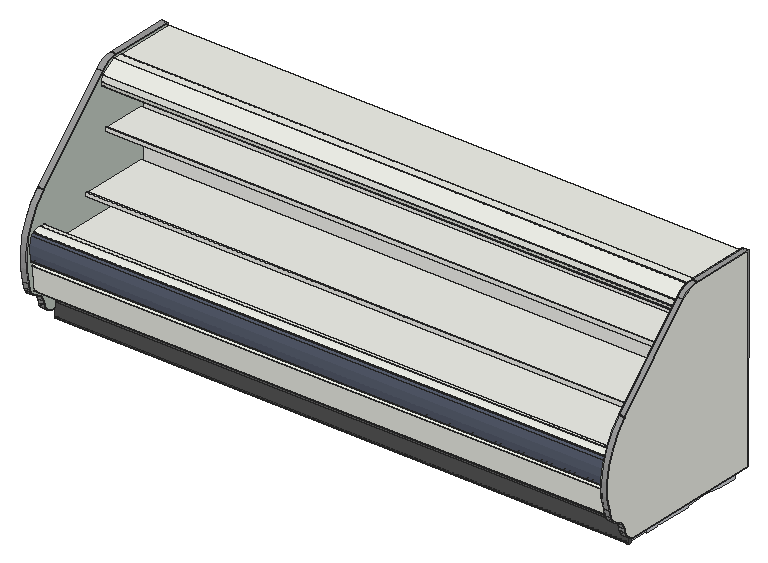
Revit family "IC2SM_2014", category Specialty Equipment, Revit 2014
Parameters (values of type "12'-0" Length")
  Width = 144 1/2"
  Waste Drain = 1 1/4"  # constant formula
  URL = "www.hussmann.com"
  Type Comments = ""
  Trim = Stainless Steel
  Total Weight = Case Weight + (2 * End Weight)  # 1350.00 lbf
  Top Clearance = 1 1/2"  # constant formula
  Splashguard = Textured Sheet Metal (Steel Painted) - 701 Black
  Side Panel - Right [instance] = yes
  Side Panel - Left [instance] = yes
  Shelves = Sheet Metal (Steel Painted) - 700 Interior White
  Shelf Lights [instance] = yes
  Shelf = yes
  Revit Family Date = "11/25/2015"  # constant formula
  Refrigeration Lines Suction = 5/8"  # constant formula
  Refrigeration Lines Liquid = 3/8"  # constant formula
  Refrig. Suction = "Suction"
  Refrig. Liquid = "Liquid"
  Number of Shelves = 2  # constant formula
  Note from Manufacturer = "This model only comes in 4'-0\", 6'-0\", 8'-0\", and 12'-0\" lengths."
  Model = "IC2SM"  # constant formula
  Manufacturer Disclaimer = "The information in this file is not intended to be an exact representation of the corresponding Hussmann product.  Further, we reserve the right to change or revise specifications and product design in connection with any feature of our products. Such changes do not entitle the buyer to corresponding changes, improvements, additions, or replacements for equipment previously sold or shipped."  # constant formula
  Manufacturer = "Hussmann Corporation"  # constant formula
  Height = 50 1/2"  # constant formula
  Ends = Textured Sheet Metal (Steel Painted) - 149 White Satin Matte
  End Weight = 75.00 lbf  # constant formula
  Drain Location = if(Width = 48 1/8", 24", if(Width = 72 1/4", 24", if(Width = 96 1/4", 24", if(Width = 144 1/2", 72", 0"))))  # 72"
  Description = ""
  Depth = 43 5/8"  # constant formula
  Clearance [instance] = no
  Case Weight = if(Width = 48 1/8", 600.00 lbf, if(Width = 72 1/4", 800.00 lbf, if(Width = 96 1/4", 1000.00 lbf, if(Width = 144 1/2", 1200.00 lbf, 0.00 lbf))))  # 1200.00 lbf
  Case Interior - Side Panel = Mirror
  Case Interior - Back Panel = Sheet Metal (Steel Painted) - 700 Interior White
  Case = Textured Sheet Metal (Steel Painted) - 149 White Satin Matte
  Bumper = Extruded PVC - 739 Royal Blue
  Back Clearance = 1 1/2"  # constant formula
  Assembly Code = ""
  Accessories/Options = ""
  8 Case = Width = 96 1/4"  # no
  6 Case = Width = 72 1/4"  # no
  12 Case = Width = 144 1/2"  # yes
Reference planes (in)
  plane 1 "Back": y = 0
  plane 2 "Bottom": z = 0
  plane 3 "Top": z = 50.5
  plane 4 "Left": x = -77.30699
  plane 5 "Front": y = -43.625
  plane 6 "Center (Left/Right)": x = -5.05699
  plane 7: y = 1.5
  plane 8: x = -78.80699
  plane 9 "Right": x = 67.19301
  plane 10: x = 68.69301
  plane 11: z = 24
  plane 12: z = 36
  plane 13: z = 52
Forms (in)
  Extrusion 1, solid, material "Metal - Copper"
    sketch origin (63.0625, 1.04319, 0) x (1, 0, 0) y (0, 1, 0)
      loop
        arc (-67.86949, -33.91819) -> (-68.31143, -34.10125) -> (-68.49449, -34.54319) r 0.625
        arc (-68.49449, -34.54319) -> (-68.31143, -34.98513) -> (-67.86949, -35.16819) r 0.625
        arc (-67.86949, -35.16819) -> (-67.42754, -34.98513) -> (-67.24449, -34.54319) r 0.625
        arc (-67.24449, -34.54319) -> (-67.42754, -34.10125) -> (-67.86949, -33.91819) r 0.625
      loop
        circle (-67.86949, -34.54319) r 0.5852
    from 5.56944 to 0
  Extrusion 2, solid, material "Metal - Copper"
    sketch origin (57.40105, 5, -0.375) x (1, 0, 0) y (0, 1, 0)
      loop
        circle (0.97946, -33.75) r 0.28859
      loop
        circle (0.97946, -33.75) r 0.3125
    from 5.94444 to 0.375
  Extrusion 3, solid, material "Metal - Copper"
    sketch origin (59.82608, 5, -0.375) x (1, 0, 0) y (0, 1, 0)
      loop
        circle (-0.94557, -33.75) r 0.17188
      loop
        circle (-0.94557, -33.75) r 0.1875
    from 5.94444 to 0.375
  Extrusion 4, solid, material "Textured Sheet Metal (Steel Painted) - 149 White Satin Matte" <- "Case"
    sketch origin (-5.05699, 0, 0) x (0, 1, 0) y (0, 0, 1)
      loop
        line (-6.52204, 48.17169) -> (-6.52204, 16.6168) -> (-6.91828, 16.6168)
        arc (-6.91828, 16.6168) -> (-7.25281, 16.48835) -> (-7.41541, 16.16902) r 0.49985
        arc (-7.41541, 16.16902) -> (-7.47447, 15.77871) -> (-7.56901, 15.39546) r 4.3077
        line (-7.56901, 15.39546) -> (-8.2045, 15.37959)
        arc (-8.2045, 15.37959) -> (-8.38123, 15.45279) -> (-8.45443, 15.62952) r 0.24992
        line (-8.45443, 15.62952) -> (-8.45443, 15.7303) -> (-8.45443, 15.79247) -> (-8.45443, 15.9914)
        arc (-8.45443, 15.9914) -> (-8.50274, 16.10804) -> (-8.61938, 16.15635) r 0.16495
        line (-8.61938, 16.15635) -> (-19.37919, 16.15635)
        arc (-19.37919, 16.15635) -> (-19.46976, 16.12926) -> (-19.53058, 16.05688) r 0.16495
        arc (-19.53058, 16.05688) -> (-19.5914, 15.98451) -> (-19.68198, 15.95742) r 0.16495
        line (-19.68198, 15.95742) -> (-23.20989, 15.95742)
        arc (-23.20989, 15.95742) -> (-24.122, 15.92845) -> (-25.03043, 15.84168) r 14.37659
        line (-25.03043, 15.84168) -> (-35.57184, 14.49597)
        arc (-35.57184, 14.49597) -> (-35.67679, 14.43899) -> (-35.71578, 14.32612) r 0.16495
        arc (-35.71578, 14.32612) -> (-35.77516, 14.15509) -> (-35.93417, 14.06876) r 0.24992
        line (-35.93417, 14.06876) -> (-36.91851, 13.9431) -> (-37.91016, 13.81651) -> (-38.11168, 13.77211) -> (-38.07572, 20.77777) -> (-38.25187, 21.8173)
        arc (-38.25187, 21.8173) -> (-38.25909, 21.83873) -> (-38.27258, 21.85688) r 0.07227
        line (-38.27258, 21.85688) -> (-39.20515, 22.76955)
        arc (-39.20515, 22.76955) -> (-39.22358, 22.78265) -> (-39.24516, 22.7894) r 0.07227
        line (-39.24516, 22.7894) -> (-40.16281, 22.92462)
        arc (-40.16281, 22.92462) -> (-40.21579, 22.91162) -> (-40.24459, 22.86529) r 0.07227
        arc (-40.24459, 22.86529) -> (-40.25606, 22.90468) -> (-40.29138, 22.92403) r 0.05018
        arc (-40.29138, 22.92403) -> (-41.31228, 22.87061) -> (-42.26157, 22.4912) r 3.13128
        arc (-42.26157, 22.4912) -> (-42.28099, 22.46965) -> (-42.28525, 22.44096) r 0.05019
        line (-42.28525, 22.44096) -> (-42.27579, 22.3766) -> (-42.05045, 21.99644) -> (-42.05045, 16.25058) -> (-42.33423, 15.82987) -> (-42.30002, 15.86407)
        spline (-42.30002, 15.86407) -> (-42.29059, 15.87181) -> (-42.27983, 15.87756) -> (-42.26816, 15.88111) -> (-42.25602, 15.8823) -> (-42.24388, 15.88111) -> (-42.23221, 15.87757) -> (-42.22145, 15.87182) -> (-42.21202, 15.86408) -> (-42.20428, 15.85465) -> (-42.19853, 15.84389) -> (-42.19499, 15.83221) -> (-42.1938, 15.82007)
        line (-42.1938, 15.82007) -> (-42.1938, 15.22019)
        spline (-42.1938, 15.22019) -> (-42.19412, 15.21383) -> (-42.1951, 15.20753) -> (-42.19671, 15.20137) -> (-42.19894, 15.1954) -> (-42.20177, 15.18969) -> (-42.20517, 15.18431) -> (-42.2091, 15.17929) -> (-42.21352, 15.17471) -> (-42.21839, 15.1706) -> (-42.22365, 15.16702) -> (-42.22925, 15.16399) -> (-42.23513, 15.16154)
        line (-42.23513, 15.16154) -> (-42.23513, 15.53307)
        arc (-42.23513, 15.53307) -> (-42.26764, 15.58003) -> (-42.32304, 15.56616) r 0.05018
        line (-42.32304, 15.56616) -> (-42.79839, 15.02435)
        arc (-42.79839, 15.02435) -> (-42.81054, 14.98563) -> (-42.79008, 14.95059) r 0.05018
        line (-42.79008, 14.95059) -> (-42.11499, 9.05365)
        arc (-42.11499, 9.05365) -> (-42.0855, 8.99518) -> (-42.03523, 8.95321) r 0.16162
        line (-42.03523, 8.95321) -> (-36.18395, 5.81977)
        arc (-36.18395, 5.81977) -> (-36.13911, 5.80877) -> (-36.10135, 5.83535) r 0.05576
        line (-36.10135, 5.83535) -> (-36.04326, 5.94379) -> (-35.24876, 5.51819) -> (-35.22368, 5.56503) -> (-8.50716, 5.56503) -> (0, 10.08456) -> (0, 50.37) -> (-14.67684, 50.37)
        arc (-14.67684, 50.37) -> (-14.77102, 50.47943) -> (-14.9095, 50.52026) r 0.25527
        line (-14.9095, 50.52026) -> (-17.13158, 50.52026)
        arc (-17.13158, 50.52026) -> (-17.16691, 50.51514) -> (-17.19934, 50.5002) r 0.12446
        line (-17.19934, 50.5002) -> (-20.65909, 48.25499)
        arc (-20.65909, 48.25499) -> (-20.69297, 48.22243) -> (-20.71236, 48.17962) r 0.12446
        line (-20.71236, 48.17962) -> (-21.02657, 46.86996)
        arc (-21.02657, 46.86996) -> (-21.03, 46.84016) -> (-21.0262, 46.81041) r 0.12446
        line (-21.0262, 46.81041) -> (-20.77157, 45.80348)
        arc (-20.77157, 45.80348) -> (-20.7464, 45.75417) -> (-20.70233, 45.72065) r 0.12446
        line (-20.70233, 45.72065) -> (-20.40173, 45.58427)
        arc (-20.40173, 45.58427) -> (-20.32979, 45.57485) -> (-20.26481, 45.60716) r 0.12446
        line (-20.26481, 45.60716) -> (-20.06119, 45.79963)
        arc (-20.06119, 45.79963) -> (-20.02808, 45.85238) -> (-20.02466, 45.91456) r 0.12446
        line (-20.02466, 45.91456) -> (-20.21753, 46.87584) -> (-19.96937, 47.32998) -> (-19.59524, 47.32998)
        arc (-19.59524, 47.32998) -> (-19.55545, 47.36813) -> (-19.59187, 47.4095) r 0.03983
        line (-19.59187, 47.4095) -> (-17.38841, 47.4095)
        arc (-17.38841, 47.4095) -> (-17.36936, 47.41329) -> (-17.35321, 47.42408) r 0.04979
        line (-17.35321, 47.42408) -> (-15.97583, 48.80146) -> (-15.97583, 48.17169) -> (-6.52204, 48.17169)
    from 72.25 to -72.25
  Extrusion 5, solid, material "Extruded PVC - 739 Royal Blue" <- "Bumper"
    sketch origin (-5.05699, 0, 0) x (0, 1, 0) y (0, 0, 1)
      loop
        arc (-43.11312, 16.1838) -> (-42.90005, 15.91016) -> (-42.60529, 15.72741) r 0.98415
        arc (-42.60529, 15.72741) -> (-42.57223, 15.7149) -> (-42.53878, 15.70344) r 1.11061
        arc (-42.53878, 15.70344) -> (-42.45215, 15.70419) -> (-42.38343, 15.75693) r 0.1365
        line (-42.38343, 15.75693) -> (-42.05045, 16.25058) -> (-42.05045, 21.99644) -> (-42.27579, 22.3766)
        arc (-42.27579, 22.3766) -> (-42.44345, 22.35178) -> (-42.60529, 22.30146) r 1.09805
        arc (-42.60529, 22.30146) -> (-42.90005, 22.11872) -> (-43.11312, 21.84507) r 0.98415
        arc (-43.11312, 21.84507) -> (-43.55654, 19.01444) -> (-43.11312, 16.1838) r 9.25648
    from 72.25 to -72.25
  Extrusion 6, solid, material "Textured Sheet Metal (Steel Painted) - 701 Black" <- "Splashguard"
    sketch origin (-5.05699, 0, 0) x (0, 1, 0) y (0, 0, 1)
      loop
        line (-35.56829, 3.68546) -> (-35.56829, 0.06236)
        arc (-35.56829, 0.06236) -> (-35.54342, 0.01927) -> (-35.49366, 0.01927) r 0.04975
        line (-35.49366, 0.01927) -> (-35.41903, 0.06236) -> (-35.22157, 0.06236)
        arc (-35.22157, 0.06236) -> (-35.14226, 0.01346) -> (-35.08169, 0.08426) r 0.07165
        line (-35.08169, 0.08426) -> (-35.08169, 3.96765)
        arc (-35.08169, 3.96765) -> (-35.10889, 4.012) -> (-35.16075, 4.00785) r 0.04975
        line (-35.16075, 4.00785) -> (-35.54785, 3.72567)
        arc (-35.54785, 3.72567) -> (-35.56289, 3.70802) -> (-35.56829, 3.68546) r 0.04975
    from 72.25 to -72.25
  Extrusion 7, solid, material "Sheet Metal (Steel Painted) - 700 Interior White" <- "Shelves"
    sketch origin (-5.05699, 0, 0) x (0, 1, 0) y (0, 0, 1)
      loop
        line (-10.4778, 17.57743) -> (-36.46981, 17.57743) -> (-36.46981, 17.08433) -> (-36.88069, 17.08433)
        arc (-36.88069, 17.08433) -> (-36.98062, 17.07117) -> (-37.07375, 17.0326) r 0.38613
        line (-37.07375, 17.0326) -> (-37.21958, 16.9484) -> (-37.21958, 16.55649) -> (-37.17361, 16.55649) -> (-36.88705, 16.72194) -> (-35.47012, 16.72194) -> (-35.47012, 16.95262) -> (-10.4778, 16.95262) -> (-10.4778, 17.09957) -> (-9.827, 17.09957) -> (-9.827, 16.73668) -> (-8.93227, 16.73668) -> (-8.93227, 16.59821)
        arc (-8.93227, 16.59821) -> (-8.9027, 16.52683) -> (-8.83132, 16.49726) r 0.10095
        line (-8.83132, 16.49726) -> (-7.8816, 16.49726) -> (-7.8816, 17.10907) -> (-8.83132, 17.10907)
        arc (-8.83132, 17.10907) -> (-8.85434, 17.10641) -> (-8.87614, 17.09857) r 0.10095
        line (-8.87614, 17.09857) -> (-9.4931, 17.09857)
        arc (-9.4931, 17.09857) -> (-9.37611, 17.14803) -> (-9.32765, 17.26502) r 0.16545
        arc (-9.32765, 17.26502) -> (-9.37611, 17.38201) -> (-9.4931, 17.43047) r 0.16545
        line (-9.4931, 17.43047) -> (-9.62218, 17.52973) -> (-10.4778, 17.52973) -> (-10.4778, 17.57743)
      loop
        arc (-8.38145, 16.1856) -> (-8.41805, 16.27396) -> (-8.50641, 16.31056) r 0.12496
        line (-8.50641, 16.31056) -> (-19.45705, 16.31056)
        arc (-19.45705, 16.31056) -> (-19.54785, 16.28332) -> (-19.60866, 16.21059) r 0.16495
        arc (-19.60866, 16.21059) -> (-19.66947, 16.13786) -> (-19.76027, 16.11062) r 0.16495
        line (-19.76027, 16.11062) -> (-23.20989, 16.11062)
        arc (-23.20989, 16.11062) -> (-24.13172, 16.08135) -> (-25.04983, 15.99365) r 14.5298
        line (-25.04983, 15.99365) -> (-36.39594, 14.54521)
        arc (-36.39594, 14.54521) -> (-36.47504, 14.53479) -> (-36.55386, 14.52247) r 3.33048
        arc (-36.55386, 14.52247) -> (-36.67572, 14.4772) -> (-36.72694, 14.35772) r 0.16495
        line (-36.72694, 14.35772) -> (-36.72694, 14.26117)
        arc (-36.72694, 14.26117) -> (-36.78929, 14.09602) -> (-36.94522, 14.01326) r 0.24992
        line (-36.94522, 14.01326) -> (-37.9194, 13.8889) -> (-37.91016, 13.81651) -> (-36.91851, 13.9431) -> (-35.93417, 14.06876)
        arc (-35.93417, 14.06876) -> (-35.77516, 14.15509) -> (-35.71578, 14.32612) r 0.24992
        arc (-35.71578, 14.32612) -> (-35.67679, 14.43899) -> (-35.57184, 14.49597) r 0.16495
        line (-35.57184, 14.49597) -> (-25.03043, 15.84168)
        arc (-25.03043, 15.84168) -> (-24.122, 15.92845) -> (-23.20989, 15.95742) r 14.37659
        line (-23.20989, 15.95742) -> (-19.68198, 15.95742)
        arc (-19.68198, 15.95742) -> (-19.5914, 15.98451) -> (-19.53058, 16.05688) r 0.16495
        arc (-19.53058, 16.05688) -> (-19.46976, 16.12926) -> (-19.37919, 16.15635) r 0.16495
        line (-19.37919, 16.15635) -> (-8.61938, 16.15635)
        arc (-8.61938, 16.15635) -> (-8.50274, 16.10804) -> (-8.45443, 15.9914) r 0.16495
        line (-8.45443, 15.9914) -> (-8.45443, 15.79247) -> (-8.45443, 15.73049) -> (-8.45443, 15.62952)
        arc (-8.45443, 15.62952) -> (-8.38123, 15.45279) -> (-8.2045, 15.37959) r 0.24992
        line (-8.2045, 15.37959) -> (-7.8816, 15.38765) -> (-7.8816, 15.45257) -> (-8.13153, 15.45257)
        arc (-8.13153, 15.45257) -> (-8.30825, 15.52577) -> (-8.38145, 15.70249) r 0.24992
        line (-8.38145, 15.70249) -> (-8.38145, 15.80455) -> (-8.38145, 15.94567) -> (-8.38145, 16.1856)
    from 72.25 to -72.25
  Extrusion 8, solid, material "Sheet Metal (Steel Painted) - 700 Interior White" <- "Case Interior - Back Panel"
    sketch origin (-4.80699, 0, 0) x (0, 1, 0) y (0, 0, 1)
      loop
        line (-7.8816, 16.73918) -> (-6.52204, 16.73918) -> (-6.52204, 48.15241) -> (-15.97583, 48.15241) -> (-15.97583, 48.78217) -> (-17.35321, 47.40479)
        arc (-17.35321, 47.40479) -> (-17.36936, 47.394) -> (-17.38841, 47.39021) r 0.04979
        line (-17.38841, 47.39021) -> (-17.48375, 47.39021)
        arc (-17.48375, 47.39021) -> (-17.44323, 47.28741) -> (-17.33737, 47.2557) r 0.12645
        line (-17.33737, 47.2557) -> (-15.68484, 47.52443) -> (-16.02944, 47.16129) -> (-13.6584, 44.91125)
        arc (-13.6584, 44.91125) -> (-13.69087, 44.9104) -> (-13.69002, 44.87793) r 0.02297
        line (-13.69002, 44.87793) -> (-13.50355, 44.70097) -> (-12.71661, 45.53024) -> (-7.8816, 45.48804) -> (-7.8816, 16.73918)
      loop
        line (-18.97614, 47.34347) -> (-18.97614, 46.18342) -> (-17.79623, 46.18342) -> (-17.79623, 47.34347) -> (-18.97614, 47.34347)
    from 72 to -72.5
  Extrusion 9, solid, material "Textured Sheet Metal (Steel Painted) - 149 White Satin Matte" <- "Ends", visible <- "Side Panel - Right"
    sketch origin (67.19301, 0, 0) x (0, 0, 1) y (0, -1, 0)
      loop
        line (2.12551, 0.03666) -> (50.92551, 0.03666) -> (50.92551, 15.969) -> (50.87752, 15.969)
        arc (50.87752, 15.969) -> (50.39224, 18.38882) -> (49.01144, 20.4344) r 6.27574
        line (49.01144, 20.4344) -> (30.41895, 38.8623) -> (30.38523, 38.82816)
        arc (30.38523, 38.82816) -> (21.49776, 43.8396) -> (11.29638, 43.65665) r 19.42921
        line (11.29638, 43.65665) -> (9.71271, 43.19504)
        arc (9.71271, 43.19504) -> (8.64749, 42.63267) -> (7.88937, 41.69662) r 2.99988
        line (7.88937, 41.69662) -> (7.23288, 40.43135)
        arc (7.23288, 40.43135) -> (6.44936, 39.47466) -> (5.34651, 38.91529) r 2.99988
        line (5.34651, 38.91529) -> (4.39695, 38.66086)
        arc (4.39695, 38.66086) -> (2.79341, 37.58941) -> (2.1735, 35.7632) r 2.99988
        line (2.1735, 35.7632) -> (2.12551, 35.7632) -> (2.12551, 0.03666)
    from 1.5 to 0.03125
  Extrusion 10, solid, material "Textured Sheet Metal (Steel Painted) - 149 White Satin Matte" <- "Ends", visible <- "Side Panel - Left"
    sketch origin (-77.30699, 0, 0) x (0, 1, 0) y (0, 0, 1)
      loop
        line (-0.03666, 2.12551) -> (-0.03666, 50.92551) -> (-15.969, 50.92551) -> (-15.969, 50.87752)
        arc (-15.969, 50.87752) -> (-18.38882, 50.39224) -> (-20.4344, 49.01144) r 6.27574
        line (-20.4344, 49.01144) -> (-38.8623, 30.41895) -> (-38.82816, 30.38523)
        arc (-38.82816, 30.38523) -> (-43.8396, 21.49776) -> (-43.65665, 11.29638) r 19.42921
        line (-43.65665, 11.29638) -> (-43.19504, 9.71271)
        arc (-43.19504, 9.71271) -> (-42.63267, 8.64749) -> (-41.69662, 7.88937) r 2.99988
        line (-41.69662, 7.88937) -> (-40.43135, 7.23288)
        arc (-40.43135, 7.23288) -> (-39.47466, 6.44936) -> (-38.91529, 5.34651) r 2.99988
        line (-38.91529, 5.34651) -> (-38.66086, 4.39695)
        arc (-38.66086, 4.39695) -> (-37.58941, 2.79341) -> (-35.7632, 2.1735) r 2.99988
        line (-35.7632, 2.1735) -> (-35.7632, 2.12551) -> (-0.03666, 2.12551)
    from -0.03125 to -1.5
  Extrusion 11, solid, material "Mirror" <- "Case Interior - Side Panel", visible <- "Side Panel - Right"
    sketch origin (67.19301, 0, 0) x (0, 0, 1) y (0, -1, 0)
      loop
        line (2.12551, 0.03666) -> (50.92551, 0.03666) -> (50.92551, 15.969) -> (50.87752, 15.969)
        arc (50.87752, 15.969) -> (50.39224, 18.38882) -> (49.01144, 20.4344) r 6.27574
        line (49.01144, 20.4344) -> (30.41895, 38.8623) -> (30.38523, 38.82816)
        arc (30.38523, 38.82816) -> (21.49776, 43.8396) -> (11.29638, 43.65665) r 19.42921
        line (11.29638, 43.65665) -> (9.71271, 43.19504)
        arc (9.71271, 43.19504) -> (8.64749, 42.63267) -> (7.88937, 41.69662) r 2.99988
        line (7.88937, 41.69662) -> (7.23288, 40.43135)
        arc (7.23288, 40.43135) -> (6.44936, 39.47466) -> (5.34651, 38.91529) r 2.99988
        line (5.34651, 38.91529) -> (4.39695, 38.66086)
        arc (4.39695, 38.66086) -> (2.79341, 37.58941) -> (2.1735, 35.7632) r 2.99988
        line (2.1735, 35.7632) -> (2.12551, 35.7632) -> (2.12551, 0.03666)
    from 0.03125 to 0
  Extrusion 12, solid, material "Mirror" <- "Case Interior - Side Panel", visible <- "Side Panel - Left"
    sketch origin (-77.30699, 0, 0) x (0, 1, 0) y (0, 0, 1)
      loop
        line (-0.03666, 2.12551) -> (-0.03666, 50.92551) -> (-15.969, 50.92551) -> (-15.969, 50.87752)
        arc (-15.969, 50.87752) -> (-18.38882, 50.39224) -> (-20.4344, 49.01144) r 6.27574
        line (-20.4344, 49.01144) -> (-38.8623, 30.41895) -> (-38.82816, 30.38523)
        arc (-38.82816, 30.38523) -> (-43.8396, 21.49776) -> (-43.65665, 11.29638) r 19.42921
        line (-43.65665, 11.29638) -> (-43.19504, 9.71271)
        arc (-43.19504, 9.71271) -> (-42.63267, 8.64749) -> (-41.69662, 7.88937) r 2.99988
        line (-41.69662, 7.88937) -> (-40.43135, 7.23288)
        arc (-40.43135, 7.23288) -> (-39.47466, 6.44936) -> (-38.91529, 5.34651) r 2.99988
        line (-38.91529, 5.34651) -> (-38.66086, 4.39695)
        arc (-38.66086, 4.39695) -> (-37.58941, 2.79341) -> (-35.7632, 2.1735) r 2.99988
        line (-35.7632, 2.1735) -> (-35.7632, 2.12551) -> (-0.03666, 2.12551)
    from -0.03125 to 0
  Sweep 13, solid, material "Stainless Steel" <- "Trim", visible <- "Side Panel - Right"
    path origin (67.19301, 0, 0) x (0, 0, 1) y (0, -1, 0)
      loop
        line (2.12551, 0.03666) -> (50.92551, 0.03666) -> (50.92551, 15.969) -> (50.87752, 15.969)
        arc (50.87752, 15.969) -> (50.39224, 18.38882) -> (49.01144, 20.4344) r 6.27574
        line (49.01144, 20.4344) -> (30.41895, 38.8623) -> (30.38523, 38.82816)
        arc (30.38523, 38.82816) -> (21.49776, 43.8396) -> (11.29638, 43.65665) r 19.42921
        line (11.29638, 43.65665) -> (9.71271, 43.19504)
        arc (9.71271, 43.19504) -> (8.64749, 42.63267) -> (7.88937, 41.69662) r 2.99988
        line (7.88937, 41.69662) -> (7.23288, 40.43135)
        arc (7.23288, 40.43135) -> (6.44936, 39.47466) -> (5.34651, 38.91529) r 2.99988
        line (5.34651, 38.91529) -> (4.39695, 38.66086)
        arc (4.39695, 38.66086) -> (2.79341, 37.58941) -> (2.1735, 35.7632) r 2.99988
        line (2.1735, 35.7632) -> (2.12551, 35.7632) -> (2.12551, 0.03666)
    profile origin (67.19301, -17.89993, 2.12551) x (0, 0, -1) y (1, 0, 0)
      loop
        line (0, 0) -> (0.03125, 0) -> (0.03125, 1.5) -> (0, 1.5) -> (0, 0)
  Sweep 14, solid, material "Stainless Steel" <- "Trim", visible <- "Side Panel - Left"
    path origin (-77.30699, 0, 0) x (0, 1, 0) y (0, 0, 1)
      loop
        line (-0.03666, 2.12551) -> (-0.03666, 50.92551) -> (-15.969, 50.92551) -> (-15.969, 50.87752)
        arc (-15.969, 50.87752) -> (-18.38882, 50.39224) -> (-20.4344, 49.01144) r 6.27574
        line (-20.4344, 49.01144) -> (-38.8623, 30.41895) -> (-38.82816, 30.38523)
        arc (-38.82816, 30.38523) -> (-43.8396, 21.49776) -> (-43.65665, 11.29638) r 19.42921
        line (-43.65665, 11.29638) -> (-43.19504, 9.71271)
        arc (-43.19504, 9.71271) -> (-42.63267, 8.64749) -> (-41.69662, 7.88937) r 2.99988
        line (-41.69662, 7.88937) -> (-40.43135, 7.23288)
        arc (-40.43135, 7.23288) -> (-39.47466, 6.44936) -> (-38.91529, 5.34651) r 2.99988
        line (-38.91529, 5.34651) -> (-38.66086, 4.39695)
        arc (-38.66086, 4.39695) -> (-37.58941, 2.79341) -> (-35.7632, 2.1735) r 2.99988
        line (-35.7632, 2.1735) -> (-35.7632, 2.12551) -> (-0.03666, 2.12551)
    profile origin (-77.30699, -17.89993, 2.12551) x (0, 0, -1) y (1, 0, 0)
      loop
        line (0, 0) -> (0, -1.5) -> (0.03125, -1.5) -> (0.03125, 0) -> (0, 0)
  Extrusion 15, solid, material "Textured Sheet Metal (Steel Painted) - 149 White Satin Matte" <- "Case"
    sketch origin (-5.05699, 0, 0) x (0, 1, 0) y (0, 0, 1)
      loop
        line (-35.08169, 2.14108) -> (-35.04686, 2.14108) -> (-35.04686, 4.52666)
        arc (-35.04686, 4.52666) -> (-35.05352, 4.55153) -> (-35.07173, 4.56974) r 0.04975
        line (-35.07173, 4.56974) -> (-36.06979, 5.14597) -> (-36.06979, 5.80949) -> (-36.10461, 5.80949) -> (-36.10461, 5.15459)
        arc (-36.10461, 5.15459) -> (-36.09795, 5.12971) -> (-36.07974, 5.1115) r 0.04975
        line (-36.07974, 5.1115) -> (-35.08169, 4.53527) -> (-35.08169, 2.14108)
    from 72.25 to -72.25
Lines and regions (in)
  reference lines
    curve 1: line (-4.80699, -43.625, 0) -> (-4.80699, 0, 0)
    curve 2: line (64.69301, -43.625, 0) -> (64.69301, 0, 0)
    curve 3: line (58.69301, -43.625, 0) -> (58.69301, 0, 0)
    curve 4: line (-77.30699, -33.5, 0) -> (67.19301, -33.5, 0)
    curve 5: line (67.19301, -28.75, 0) -> (-77.30699, -28.75, 0)
  symbolic lines, style "Clearance", visible <- "Clearance"
    curve 6: line (-77.30699, 1.5, 0) -> (67.19301, 1.5, 0)
    curve 7: line (67.19301, 1.5, 0) -> (67.19301, 0.02372, 0)
    curve 8: line (-77.30699, 1.5, 0) -> (-77.30699, 0, 0)
    curve 9: line (-5.05699, 0, 50.90425) -> (-5.05699, 0, 52)
    curve 10: line (-5.05699, 0, 52) -> (-5.05699, -21.03, 52)
    curve 11: line (-5.05699, -21.03, 48.56348) -> (-5.05699, -21.03, 52)
    curve 12: line (-5.05699, 0, 50.04903) -> (-5.05699, 1.5, 50.04903)
    curve 13: line (-5.05699, 1.5, 50.04903) -> (-5.05699, 1.5, 0)
    curve 14: line (-77.30699, -40, 50.19929) -> (-77.30699, -40, 52)
    curve 15: line (-77.30699, -40, 52) -> (67.19301, -40, 52)
    curve 16: line (67.19301, -40, 52) -> (67.19301, -40, 50.19929)
  model lines, style "SpecialityEquipment", detail levels fine
    curve 17: line (-5.05699, -42.05045, 21.99644) -> (-5.05699, -42.05045, 9.22199)
    curve 18: line (-5.05699, -35.22368, 5.56503) -> (-5.05699, -42.05045, 9.22199)
    curve 19: line (-5.05699, -42.05045, 21.99644) -> (-5.05699, -41.00111, 21.99644)
    curve 20: line (-5.05699, -41.00111, 21.99644) -> (-5.05699, -41.00111, 13.75168)
    curve 21: line (-5.05699, -41.00111, 13.75168) -> (-5.05699, -40.99362, 16.55691)
    curve 22: line (-5.05699, -40.99362, 16.55691) -> (-5.05699, -40.99362, 12.7182)
    curve 23: arc (-5.05699, -40.99362, 12.7182) -> (-5.05699, -40.95821, 12.53456) -> (-5.05699, -40.85705, 12.37725) r 0.49387
    curve 24: line (-5.05699, -40.85705, 12.37725) -> (-5.05699, -40.17548, 11.71682)
    curve 25: arc (-5.05699, -40.17548, 11.71682) -> (-5.05699, -40.06713, 11.55465) -> (-5.05699, -40.02908, 11.36337) r 0.49985
    curve 26: line (-5.05699, -40.02908, 11.36337) -> (-5.05699, -40.02908, 10.88856)
    curve 27: arc (-5.05699, -40.02908, 10.88856) -> (-5.05699, -39.88268, 10.53511) -> (-5.05699, -39.52923, 10.38871) r 0.49985
    curve 28: line (-5.05699, -39.52923, 10.38871) -> (-5.05699, -38.69968, 10.38871)
    curve 29: arc (-5.05699, -38.69968, 10.38871) -> (-5.05699, -38.35246, 10.24843) -> (-5.05699, -38.20014, 9.90631) r 0.49985
    curve 30: line (-5.05699, -38.20014, 9.90631) -> (-5.05699, -38.19034, 9.62576)
    curve 31: arc (-5.05699, -38.19034, 9.62576) -> (-5.05699, -38.1151, 9.37898) -> (-5.05699, -37.92683, 9.2026) r 0.49985
    curve 32: line (-5.05699, -37.92683, 9.2026) -> (-5.05699, -37.22246, 8.82528)
    curve 33: arc (-5.05699, -37.22246, 8.82528) -> (-5.05699, -37.10811, 8.78108) -> (-5.05699, -36.98643, 8.76605) r 0.49985
    curve 34: line (-5.05699, -36.98643, 8.76605) -> (-5.05699, -34.78966, 8.76605)
    curve 35: arc (-5.05699, -34.78966, 8.76605) -> (-5.05699, -34.53974, 8.83301) -> (-5.05699, -34.35678, 9.01597) r 0.49985
    curve 36: line (-5.05699, -34.35678, 9.01597) -> (-5.05699, -33.70852, 10.13879)
    curve 37: arc (-5.05699, -33.70852, 10.13879) -> (-5.05699, -33.52557, 10.32175) -> (-5.05699, -33.27564, 10.38871) r 0.49985
    curve 38: line (-5.05699, -33.27564, 10.38871) -> (-5.05699, -24.44274, 10.38871)
    curve 39: line (-5.05699, -24.44274, 10.38871) -> (-5.05699, -11.07263, 12.35589)
    curve 40: arc (-5.05699, -11.07263, 12.35589) -> (-5.05699, -8.87679, 13.36385) -> (-5.05699, -7.56901, 15.39546) r 4.3077
  model lines, style "SpecialityEquipment", not visible, detail levels fine
    curve 41: line (-5.05699, -42.05045, 21.99644) -> (-5.05699, -42.05045, 9.22199)
    curve 42: line (-5.05699, -35.22368, 5.56503) -> (-5.05699, -42.05045, 9.22199)
    curve 43: line (-5.05699, -42.05045, 21.99644) -> (-5.05699, -41.00111, 21.99644)
    curve 44: line (-5.05699, -41.00111, 21.99644) -> (-5.05699, -41.00111, 13.75168)
    curve 45: line (-5.05699, -41.00111, 13.75168) -> (-5.05699, -40.99362, 16.55691)
    curve 46: line (-5.05699, -40.99362, 16.55691) -> (-5.05699, -40.99362, 12.7182)
    curve 47: arc (-5.05699, -40.99362, 12.7182) -> (-5.05699, -40.95821, 12.53456) -> (-5.05699, -40.85705, 12.37725) r 0.49387
    curve 48: line (-5.05699, -40.85705, 12.37725) -> (-5.05699, -40.17548, 11.71682)
    curve 49: arc (-5.05699, -40.17548, 11.71682) -> (-5.05699, -40.06713, 11.55465) -> (-5.05699, -40.02908, 11.36337) r 0.49985
    curve 50: line (-5.05699, -40.02908, 11.36337) -> (-5.05699, -40.02908, 10.88856)
    curve 51: arc (-5.05699, -40.02908, 10.88856) -> (-5.05699, -39.88268, 10.53511) -> (-5.05699, -39.52923, 10.38871) r 0.49985
    curve 52: line (-5.05699, -39.52923, 10.38871) -> (-5.05699, -38.69968, 10.38871)
    curve 53: arc (-5.05699, -38.69968, 10.38871) -> (-5.05699, -38.35246, 10.24843) -> (-5.05699, -38.20014, 9.90631) r 0.49985
    curve 54: line (-5.05699, -38.20014, 9.90631) -> (-5.05699, -38.19034, 9.62576)
    curve 55: arc (-5.05699, -38.19034, 9.62576) -> (-5.05699, -38.1151, 9.37898) -> (-5.05699, -37.92683, 9.2026) r 0.49985
    curve 56: line (-5.05699, -37.92683, 9.2026) -> (-5.05699, -37.22246, 8.82528)
    curve 57: arc (-5.05699, -37.22246, 8.82528) -> (-5.05699, -37.10811, 8.78108) -> (-5.05699, -36.98643, 8.76605) r 0.49985
    curve 58: line (-5.05699, -36.98643, 8.76605) -> (-5.05699, -34.78966, 8.76605)
    curve 59: arc (-5.05699, -34.78966, 8.76605) -> (-5.05699, -34.53974, 8.83301) -> (-5.05699, -34.35678, 9.01597) r 0.49985
    curve 60: line (-5.05699, -34.35678, 9.01597) -> (-5.05699, -33.70852, 10.13879)
    curve 61: arc (-5.05699, -33.70852, 10.13879) -> (-5.05699, -33.52557, 10.32175) -> (-5.05699, -33.27564, 10.38871) r 0.49985
    curve 62: line (-5.05699, -33.27564, 10.38871) -> (-5.05699, -24.44274, 10.38871)
    curve 63: line (-5.05699, -24.44274, 10.38871) -> (-5.05699, -11.07263, 12.35589)
    curve 64: arc (-5.05699, -11.07263, 12.35589) -> (-5.05699, -8.87679, 13.36385) -> (-5.05699, -7.56901, 15.39546) r 4.3077
Dimensions and locks (in)
  equal spacing: plane 4 "Left", plane 6 "Center (Left/Right)", plane 9 "Right"
  locked: plane 8 to plane 4 "Left" at 1.5
  "Width": plane 4 "Left" to plane 9 "Right"
  locked: curve 2 to plane 9 "Right" at 2.5
  "Drain Location": curve 1 to plane 9 "Right"
  "Depth": plane 5 "Front" to plane 1 "Back"
  "Back Clearance": plane 1 "Back" to plane 7
  locked: curve 3 to plane 9 "Right" at 8.5
  "Height": plane 3 "Top" to level
  locked: plane 1 "Back" to curve 4 at 33.5
  locked: plane 1 "Back" to curve 5 at 28.75
  locked: plane 9 "Right" to plane 10 at 1.5
  locked: plane 11 to level at 24
  locked: plane 12 to level at 36
  "Top Clearance": plane 13 to plane 3 "Top"
  locked: Extrusion 1 sketch curve to Extrusion 1 sketch curve at 0.0398
  locked: Extrusion 3 sketch curve to Extrusion 3 sketch curve at 0.01562
  locked: Extrusion 2 sketch curve to Extrusion 2 sketch curve at 0.02391
  nested 7 to plane 6 "Center (Left/Right)" to nested 8 = 24" locked, 24" locked
  "Waste Drain": diameter of Extrusion 1 sketch curve
  "Refrigeration Lines Liquid": diameter of Extrusion 3 sketch curve
  "Refrigeration Lines Suction": diameter of Extrusion 2 sketch curve
  aligned and locked: plane 5 "Front" to curve 1
  aligned and locked: plane 5 "Front" to curve 2
  aligned and locked: plane 4 "Left" to curve 4
  aligned and locked: plane 4 "Left" to curve 5
  aligned and locked: plane 9 "Right" to curve 5
  aligned and locked: plane 9 "Right" to curve 4
  aligned and locked: Extrusion 2 to level
  aligned and locked: Extrusion 3 to level
  aligned and locked: curve 5 to Extrusion 3 sketch curve  (x4)
  aligned and locked: curve 5 to Extrusion 2 sketch curve  (x4)
  aligned and locked: curve 4 to Extrusion 1 sketch curve  (x3)
  aligned and locked: curve 1 to Extrusion 1 sketch curve
  aligned and locked: curve 3 to Extrusion 3 sketch curve
  aligned and locked: curve 3 to Extrusion 2 sketch curve
  aligned and locked: Extrusion 4 to plane 4 "Left"
  aligned and locked: plane 9 "Right" to Extrusion 4
  aligned and locked: Extrusion 8 to plane 4 "Left"
  aligned and locked: plane 9 "Right" to Extrusion 8
  aligned and locked: Extrusion 7 to plane 4 "Left"
  aligned and locked: plane 9 "Right" to Extrusion 7
  aligned and locked: Extrusion 5 to plane 4 "Left"
  aligned and locked: plane 9 "Right" to Extrusion 5
  aligned and locked: plane 11 to nested 1
  aligned and locked: Extrusion 8 to nested 1
  aligned and locked: plane 12 to nested 2
  aligned and locked: Extrusion 8 to nested 2
  aligned and locked: plane 8 to Extrusion 10
  aligned and locked: Extrusion 12 to Extrusion 10
  aligned and locked: plane 4 "Left" to Extrusion 12
  aligned and locked: plane 10 to Extrusion 9
  aligned and locked: Extrusion 11 to Extrusion 9
  aligned and locked: Extrusion 11 to plane 9 "Right"
  aligned and locked: plane 10 to Sweep 13 sketch curve
  aligned and locked: Sweep 13 sketch curve to profile plane
  aligned and locked: Extrusion 12 to Sweep 14 sketch curve
  aligned and locked: Sweep 14 sketch curve to plane 8
  aligned and locked: plane 4 "Left" to nested 2
  aligned and locked: plane 4 "Left" to nested 1
  aligned and locked: plane 9 "Right" to Extrusion 6
  aligned and locked: Extrusion 6 to plane 4 "Left"
  aligned and locked: plane 4 "Left" to nested 3
  aligned and locked: nested 1 to nested 3
  aligned and locked: plane 1 "Back" to nested 4
  aligned and locked: plane 4 "Left" to nested 4
  aligned and locked: nested 6 to plane 1 "Back"
  aligned and locked: plane 9 "Right" to nested 6
  aligned and locked: plane 1 "Back" to nested 5
  aligned and locked: plane 6 "Center (Left/Right)" to nested 5
  aligned and locked: nested 8 to plane 1 "Back"
  aligned and locked: plane 1 "Back" to nested 7
  aligned and locked: curve 6 to plane 7
  aligned and locked: curve 8 to plane 4 "Left"
  aligned and locked: curve 7 to plane 9 "Right"
  aligned and locked: curve 13 to plane 7
  aligned and locked: plane 13 to curve 15
  aligned and locked: curve 16 to plane 9 "Right"
  aligned and locked: plane 4 "Left" to curve 14
  aligned and locked: plane 6 "Center (Left/Right)" to nested 9
  aligned and locked: plane 1 "Back" to nested 9
  aligned and locked: nested 2 to nested 10
  aligned and locked: plane 4 "Left" to nested 11
  aligned and locked: Extrusion 15 to plane 4 "Left"
  aligned and locked: plane 9 "Right" to Extrusion 15
Automatic sketch dimensions
  Extrusion 1 sketch curve to Extrusion 1 sketch curve = 0"  (x2)
  Extrusion 2 sketch curve to Extrusion 2 sketch curve = 0"
  Extrusion 3 sketch curve to Extrusion 3 sketch curve = 0"
  curve 3 to plane 5 "Front" = 0"
  plane 1 "Back" to curve 1 = 0"
  plane 1 "Back" to curve 3 = 0"
  plane 1 "Back" to curve 2 = 0"
  plane 1 "Back" to curve 8 = 0"
  curve 7 to plane 1 "Back" = 0.02372"
  plane 5 "Front" to Extrusion 5 sketch curve = 1.12841"
  Extrusion 5 sketch curve to Extrusion 5 sketch curve = 0.11317"
  Extrusion 5 sketch curve to Extrusion 5 sketch curve = 0.03358"
  Extrusion 5 sketch curve to Extrusion 5 sketch curve = 0.25438"
  Extrusion 5 sketch curve to Extrusion 5 sketch curve = 0.0429"
  Extrusion 5 sketch curve to Extrusion 5 sketch curve = 0.04665"
  Extrusion 5 sketch curve to Extrusion 5 sketch curve = 0.19176"
  Extrusion 5 sketch curve to Extrusion 5 sketch curve = 0.07633"
  Extrusion 5 sketch curve to Extrusion 5 sketch curve = 0.49366"
  Extrusion 5 sketch curve to Extrusion 5 sketch curve = 0.39156"
  Extrusion 5 sketch curve to Extrusion 5 sketch curve = 0.11753"
  Extrusion 5 sketch curve to Extrusion 5 sketch curve = 0.10551"
  Extrusion 5 sketch curve to Extrusion 5 sketch curve = 0"  (x2)
  plane 5 "Front" to Extrusion 5 sketch curve = 0.51188"
  level to Extrusion 6 sketch curve = 0.06236"  (x2)
  level to Extrusion 6 sketch curve = 3.72567"
  Extrusion 6 sketch curve to Extrusion 6 sketch curve = 0.02045"
  Extrusion 6 sketch curve to Extrusion 6 sketch curve = 0.04975"  (x2)
  level to Extrusion 6 sketch curve = 0.01927"
  Extrusion 6 sketch curve to Extrusion 6 sketch curve = 0.07463"
  Extrusion 6 sketch curve to Extrusion 6 sketch curve = 0.19746"
  level to Extrusion 6 sketch curve = 4.00785"
  Extrusion 6 sketch curve to Extrusion 6 sketch curve = 0.06823"
  Extrusion 6 sketch curve to Extrusion 6 sketch curve = 0.02931"
  Extrusion 6 sketch curve to Extrusion 6 sketch curve = 0.04021"
  Extrusion 7 sketch curve to Extrusion 7 sketch curve = 0"  (x6)
  plane 5 "Front" to Extrusion 7 sketch curve = 5.7056"
  Extrusion 7 sketch curve to Extrusion 7 sketch curve = 0.00924"
  Extrusion 7 sketch curve to Extrusion 7 sketch curve = 0.69982"
  Extrusion 7 sketch curve to Extrusion 7 sketch curve = 0.04597"
  Extrusion 7 sketch curve to Extrusion 7 sketch curve = 0.14583"
  Extrusion 7 sketch curve to Extrusion 7 sketch curve = 0.94253"
  Extrusion 7 sketch curve to Extrusion 7 sketch curve = 0.03165"  (x2)
  Extrusion 7 sketch curve to Extrusion 7 sketch curve = 0.02671"
  Extrusion 7 sketch curve to Extrusion 7 sketch curve = 0.28657"
  Extrusion 7 sketch curve to Extrusion 7 sketch curve = 0.00636"
  Extrusion 7 sketch curve to Extrusion 7 sketch curve = 0.24992"  (x2)
  Extrusion 7 sketch curve to Extrusion 7 sketch curve = 0.16495"  (x3)
  Extrusion 7 sketch curve to Extrusion 7 sketch curve = 0.41087"
  Extrusion 7 sketch curve to Extrusion 7 sketch curve = 0.16605"
  Extrusion 7 sketch curve to Extrusion 7 sketch curve = 0.91812"
  Extrusion 7 sketch curve to Extrusion 7 sketch curve = 0.43012"
  Extrusion 7 sketch curve to Extrusion 7 sketch curve = 0.39398"
  Extrusion 7 sketch curve to Extrusion 7 sketch curve = 0.02089"
  Extrusion 7 sketch curve to Extrusion 7 sketch curve = 0.99969"
  Extrusion 7 sketch curve to plane 11 = 8.00635"
  Extrusion 7 sketch curve to Extrusion 7 sketch curve = 10.42029"
  Extrusion 7 sketch curve to plane 11 = 8.15832"
  Extrusion 7 sketch curve to Extrusion 7 sketch curve = 0.0194"
  Extrusion 7 sketch curve to Extrusion 7 sketch curve = 1.82053"
  Extrusion 7 sketch curve to Extrusion 7 sketch curve = 3.44963"
  Extrusion 7 sketch curve to Extrusion 7 sketch curve = 0.07829"
  Extrusion 7 sketch curve to Extrusion 7 sketch curve = 0.22493"
  Extrusion 7 sketch curve to Extrusion 7 sketch curve = 0.07786"
  Extrusion 7 sketch curve to Extrusion 7 sketch curve = 8.90139"
  Extrusion 7 sketch curve to Extrusion 7 sketch curve = 0.6508"
  Extrusion 7 sketch curve to Extrusion 7 sketch curve = 0.20482"
  Extrusion 7 sketch curve to Extrusion 7 sketch curve = 0.12908"
  Extrusion 7 sketch curve to Extrusion 7 sketch curve = 0.56083"
  Extrusion 7 sketch curve to Extrusion 7 sketch curve = 0.05613"
  Extrusion 7 sketch curve to Extrusion 7 sketch curve = 0.04482"
  Extrusion 7 sketch curve to Extrusion 7 sketch curve = 0.10095"
  Extrusion 7 sketch curve to Extrusion 7 sketch curve = 0.21194"
  Extrusion 7 sketch curve to Extrusion 7 sketch curve = 0.11297"
  Extrusion 7 sketch curve to Extrusion 7 sketch curve = 0.07298"  (x2)
  Extrusion 7 sketch curve to Extrusion 7 sketch curve = 0.17695"
  Extrusion 7 sketch curve to Extrusion 7 sketch curve = 0.49985"
  Extrusion 7 sketch curve to plane 11 = 8.19545"
  Extrusion 7 sketch curve to Extrusion 7 sketch curve = 0.01208"
  Extrusion 7 sketch curve to Extrusion 7 sketch curve = 0.06198"
  Extrusion 7 sketch curve to Extrusion 7 sketch curve = 0.02799"
  Extrusion 7 sketch curve to Extrusion 7 sketch curve = 0.10097"
  Extrusion 7 sketch curve to Extrusion 7 sketch curve = 0.06492"
  Extrusion 7 sketch curve to plane 11 = 9.45479"
  Extrusion 7 sketch curve to Extrusion 7 sketch curve = 0.04924"
  Extrusion 7 sketch curve to Extrusion 7 sketch curve = 3/16"
  Extrusion 7 sketch curve to Extrusion 7 sketch curve = 0.16362"
  Extrusion 7 sketch curve to Extrusion 7 sketch curve = 0.01567"
  Extrusion 7 sketch curve to Extrusion 7 sketch curve = 0.09655"
  Extrusion 7 sketch curve to Extrusion 7 sketch curve = 0.24791"
  Extrusion 7 sketch curve to Extrusion 7 sketch curve = 0.07016"
  Extrusion 7 sketch curve to Extrusion 7 sketch curve = 2.83046"
  level to Extrusion 7 sketch curve = 1.58082"
  Extrusion 7 sketch curve to Extrusion 7 sketch curve = 0.14112"
  Extrusion 7 sketch curve to Extrusion 7 sketch curve = 0.03399"
  Extrusion 7 sketch curve to Extrusion 7 sketch curve = 0.04574"
  Extrusion 7 sketch curve to Extrusion 7 sketch curve = 0.01175"
  Extrusion 7 sketch curve to Extrusion 7 sketch curve = 0.01075"
  Extrusion 7 sketch curve to Extrusion 7 sketch curve = 0.02924"
  Extrusion 7 sketch curve to Extrusion 7 sketch curve = 0.1867"
  Extrusion 7 sketch curve to Extrusion 7 sketch curve = 2.03402"
  Extrusion 7 sketch curve to Extrusion 7 sketch curve = 0.14171"
  Extrusion 7 sketch curve to Extrusion 7 sketch curve = 0.02374"
  Extrusion 7 sketch curve to Extrusion 7 sketch curve = 0.13847"
  Extrusion 7 sketch curve to Extrusion 7 sketch curve = 0.39191"
  Extrusion 7 sketch curve to Extrusion 7 sketch curve = 0.23068"
  Extrusion 7 sketch curve to Extrusion 7 sketch curve = 0.27143"
  Extrusion 7 sketch curve to Extrusion 7 sketch curve = 0.0842"
  Extrusion 7 sketch curve to Extrusion 7 sketch curve = 0.09046"
  Extrusion 7 sketch curve to Extrusion 7 sketch curve = 0.001"
  Extrusion 7 sketch curve to Extrusion 7 sketch curve = 0.16645"
  Extrusion 7 sketch curve to Extrusion 7 sketch curve = 0.16545"
  Extrusion 7 sketch curve to Extrusion 7 sketch curve = 0.09925"
  Extrusion 7 sketch curve to Extrusion 7 sketch curve = 0.4931"
  Extrusion 7 sketch curve to Extrusion 7 sketch curve = 0.16513"
  Extrusion 7 sketch curve to Extrusion 7 sketch curve = 0.0003"
  plane 3 "Top" to Extrusion 8 sketch curve = 4.31658"
  plane 1 "Back" to Extrusion 8 sketch curve = 18.97614"
  Extrusion 8 sketch curve to Extrusion 8 sketch curve = 1.17991"
  Extrusion 8 sketch curve to Extrusion 8 sketch curve = 5/16"
  Extrusion 8 sketch curve to Extrusion 8 sketch curve = 0.09534"
  Extrusion 8 sketch curve to Extrusion 8 sketch curve = 0.03075"
  plane 3 "Top" to Extrusion 8 sketch curve = 3.09521"
  Extrusion 8 sketch curve to Extrusion 8 sketch curve = 0.00446"
  plane 3 "Top" to Extrusion 8 sketch curve = 3.2443"
  Extrusion 8 sketch curve to Extrusion 8 sketch curve = 0.0203"
  plane 3 "Top" to Extrusion 8 sketch curve = 3.33871"
  Extrusion 8 sketch curve to Extrusion 8 sketch curve = 1.30793"
  Extrusion 8 sketch curve to Extrusion 8 sketch curve = 0.05361"
  plane 3 "Top" to Extrusion 8 sketch curve = 2.97557"
  Extrusion 8 sketch curve to Extrusion 8 sketch curve = 0.3446"
  plane 3 "Top" to Extrusion 8 sketch curve = 5.62207"
  Extrusion 8 sketch curve to Extrusion 8 sketch curve = 2.33942"
  Extrusion 8 sketch curve to Extrusion 8 sketch curve = 0.01581"  (x2)
  plane 3 "Top" to Extrusion 8 sketch curve = 5.79903"
  Extrusion 8 sketch curve to Extrusion 8 sketch curve = 0.18647"
  plane 3 "Top" to Extrusion 8 sketch curve = 4.96976"
  plane 1 "Back" to Extrusion 8 sketch curve = 7.8816"
  Extrusion 8 sketch curve to Extrusion 8 sketch curve = 1.35957"
  Extrusion 8 sketch curve to plane 11 = 7.26082"
  Extrusion 8 sketch curve to Extrusion 8 sketch curve = 0.01666"
  Extrusion 8 sketch curve to Extrusion 8 sketch curve = 0.04219"
  Extrusion 8 sketch curve to Extrusion 8 sketch curve = 1.16005"
  Extrusion 8 sketch curve to Extrusion 8 sketch curve = 0.02427"
  Extrusion 8 sketch curve to Extrusion 8 sketch curve = 0.62798"
  Extrusion 8 sketch curve to Extrusion 8 sketch curve = 0.62977"
  plane 3 "Top" to Extrusion 8 sketch curve = 5.58875"
  level to Extrusion 9 sketch curve = 2.12551"
  Extrusion 9 sketch curve to Extrusion 9 sketch curve = 0.04799"  (x2)
  Extrusion 9 sketch curve to Extrusion 9 sketch curve = 2.22345"
  Extrusion 9 sketch curve to Extrusion 9 sketch curve = 0.17314"
  Extrusion 9 sketch curve to Extrusion 9 sketch curve = 0.77643"
  Extrusion 9 sketch curve to Extrusion 9 sketch curve = 0.94956"
  plane 5 "Front" to Extrusion 9 sketch curve = 3.19365"
  Extrusion 9 sketch curve to Extrusion 9 sketch curve = 1.88636"
  plane 5 "Front" to Extrusion 9 sketch curve = 1.92838"
  Extrusion 9 sketch curve to Extrusion 9 sketch curve = 0.6565"
  plane 5 "Front" to Extrusion 9 sketch curve = 0.42996"
  Extrusion 9 sketch curve to Extrusion 9 sketch curve = 1.82333"
  Extrusion 9 sketch curve to Extrusion 9 sketch curve = 0.83945"
  Extrusion 9 sketch curve to plane 5 "Front" = 0.03165"
  Extrusion 9 sketch curve to Extrusion 9 sketch curve = 1.58368"
  Extrusion 9 sketch curve to plane 11 = 7.26676"
  plane 5 "Front" to Extrusion 9 sketch curve = 4.79684"
  Extrusion 9 sketch curve to Extrusion 9 sketch curve = 13.65199"
  Extrusion 9 sketch curve to Extrusion 9 sketch curve = 0.03372"
  plane 3 "Top" to Extrusion 9 sketch curve = 5.89823"
  plane 3 "Top" to Extrusion 9 sketch curve = 1.48856"
  Extrusion 9 sketch curve to plane 3 "Top" = 0.37752"
  plane 1 "Back" to Extrusion 9 sketch curve = 20.4344"
  plane 1 "Back" to Extrusion 9 sketch curve = 0.03666"
  Extrusion 9 sketch curve to Extrusion 9 sketch curve = 4.66815"
  Extrusion 9 sketch curve to Extrusion 9 sketch curve = 0.03415"
  Extrusion 9 sketch curve to Extrusion 9 sketch curve = 0.25443"
  Extrusion 10 sketch curve to plane 5 "Front" = 0.03165"
  plane 5 "Front" to Extrusion 10 sketch curve = 0.42996"
  plane 5 "Front" to Extrusion 10 sketch curve = 1.81205"
  plane 5 "Front" to Extrusion 10 sketch curve = 1.92838"
  Extrusion 10 sketch curve to Extrusion 10 sketch curve = 1.26527"
  Extrusion 10 sketch curve to Extrusion 10 sketch curve = 1.38161"
  Extrusion 10 sketch curve to Extrusion 10 sketch curve = 1.51605"
  plane 5 "Front" to Extrusion 10 sketch curve = 4.7627"
  Extrusion 10 sketch curve to Extrusion 10 sketch curve = 0.03415"
  Extrusion 10 sketch curve to Extrusion 10 sketch curve = 0.25443"
  Extrusion 10 sketch curve to Extrusion 10 sketch curve = 2.89766"
  Extrusion 10 sketch curve to plane 11 = 7.26676"
  Extrusion 10 sketch curve to Extrusion 10 sketch curve = 10.75956"
  plane 3 "Top" to Extrusion 10 sketch curve = 1.48856"
  plane 1 "Back" to Extrusion 10 sketch curve = 20.4344"
  Extrusion 10 sketch curve to plane 3 "Top" = 0.42551"
  Extrusion 10 sketch curve to Extrusion 10 sketch curve = 4.4654"
  plane 1 "Back" to Extrusion 10 sketch curve = 0.03666"
  level to Extrusion 10 sketch curve = 11.29638"
  Extrusion 10 sketch curve to Extrusion 10 sketch curve = 0.74423"
  Extrusion 10 sketch curve to Extrusion 10 sketch curve = 1.58368"
  Extrusion 10 sketch curve to Extrusion 10 sketch curve = 0.6565"
  Extrusion 10 sketch curve to Extrusion 10 sketch curve = 1.88636"
  Extrusion 10 sketch curve to Extrusion 10 sketch curve = 0.17314"
  Extrusion 10 sketch curve to Extrusion 10 sketch curve = 0.94956"
  level to Extrusion 10 sketch curve = 2.12551"
  Extrusion 10 sketch curve to Extrusion 10 sketch curve = 0.03372"
  plane 3 "Top" to Extrusion 10 sketch curve = 5.89823"
  level to Extrusion 11 sketch curve = 2.12551"
  Extrusion 11 sketch curve to Extrusion 11 sketch curve = 0.04799"  (x2)
  Extrusion 11 sketch curve to Extrusion 11 sketch curve = 2.22345"
  Extrusion 11 sketch curve to Extrusion 11 sketch curve = 0.17314"
  Extrusion 11 sketch curve to Extrusion 11 sketch curve = 0.77643"
  Extrusion 11 sketch curve to Extrusion 11 sketch curve = 0.94956"
  plane 5 "Front" to Extrusion 11 sketch curve = 3.19365"
  Extrusion 11 sketch curve to Extrusion 11 sketch curve = 1.88636"
  plane 5 "Front" to Extrusion 11 sketch curve = 1.92838"
  Extrusion 11 sketch curve to Extrusion 11 sketch curve = 0.6565"
  plane 5 "Front" to Extrusion 11 sketch curve = 0.42996"
  Extrusion 11 sketch curve to Extrusion 11 sketch curve = 1.82333"
  Extrusion 11 sketch curve to Extrusion 11 sketch curve = 0.83945"
  Extrusion 11 sketch curve to plane 5 "Front" = 0.03165"
  Extrusion 11 sketch curve to Extrusion 11 sketch curve = 1.58368"
  Extrusion 11 sketch curve to plane 11 = 7.26676"
  plane 5 "Front" to Extrusion 11 sketch curve = 4.79684"
  Extrusion 11 sketch curve to Extrusion 11 sketch curve = 13.65199"
  Extrusion 11 sketch curve to Extrusion 11 sketch curve = 0.03372"
  plane 3 "Top" to Extrusion 11 sketch curve = 5.89823"
  plane 3 "Top" to Extrusion 11 sketch curve = 1.48856"
  Extrusion 11 sketch curve to plane 3 "Top" = 0.37752"
  plane 1 "Back" to Extrusion 11 sketch curve = 20.4344"
  plane 1 "Back" to Extrusion 11 sketch curve = 0.03666"
  Extrusion 11 sketch curve to Extrusion 11 sketch curve = 4.66815"
  Extrusion 11 sketch curve to Extrusion 11 sketch curve = 0.03415"
  Extrusion 11 sketch curve to Extrusion 11 sketch curve = 0.25443"
  Extrusion 12 sketch curve to plane 5 "Front" = 0.03165"
  plane 5 "Front" to Extrusion 12 sketch curve = 0.42996"
  plane 5 "Front" to Extrusion 12 sketch curve = 1.81205"
  plane 5 "Front" to Extrusion 12 sketch curve = 1.92838"
  Extrusion 12 sketch curve to Extrusion 12 sketch curve = 1.26527"
  Extrusion 12 sketch curve to Extrusion 12 sketch curve = 1.38161"
  Extrusion 12 sketch curve to Extrusion 12 sketch curve = 1.51605"
  plane 5 "Front" to Extrusion 12 sketch curve = 4.7627"
  Extrusion 12 sketch curve to Extrusion 12 sketch curve = 0.03415"
  Extrusion 12 sketch curve to Extrusion 12 sketch curve = 0.25443"
  Extrusion 12 sketch curve to Extrusion 12 sketch curve = 2.89766"
  Extrusion 12 sketch curve to plane 11 = 7.26676"
  Extrusion 12 sketch curve to Extrusion 12 sketch curve = 10.75956"
  plane 3 "Top" to Extrusion 12 sketch curve = 1.48856"
  plane 1 "Back" to Extrusion 12 sketch curve = 20.4344"
  Extrusion 12 sketch curve to plane 3 "Top" = 0.42551"
  Extrusion 12 sketch curve to Extrusion 12 sketch curve = 4.4654"
  plane 1 "Back" to Extrusion 12 sketch curve = 0.03666"
  level to Extrusion 12 sketch curve = 11.29638"
  Extrusion 12 sketch curve to Extrusion 12 sketch curve = 0.74423"
  Extrusion 12 sketch curve to Extrusion 12 sketch curve = 1.58368"
  Extrusion 12 sketch curve to Extrusion 12 sketch curve = 0.6565"
  Extrusion 12 sketch curve to Extrusion 12 sketch curve = 1.88636"
  Extrusion 12 sketch curve to Extrusion 12 sketch curve = 0.17314"
  Extrusion 12 sketch curve to Extrusion 12 sketch curve = 0.94956"
  level to Extrusion 12 sketch curve = 2.12551"
  Extrusion 12 sketch curve to Extrusion 12 sketch curve = 0.03372"
  plane 3 "Top" to Extrusion 12 sketch curve = 5.89823"
  level to Sweep 13 sketch curve = 2.12551"
  Sweep 13 sketch curve to Sweep 13 sketch curve = 0.04799"  (x2)
  Sweep 13 sketch curve to Sweep 13 sketch curve = 2.22345"
  Sweep 13 sketch curve to Sweep 13 sketch curve = 0.17314"
  Sweep 13 sketch curve to Sweep 13 sketch curve = 0.77643"
  Sweep 13 sketch curve to Sweep 13 sketch curve = 0.94956"
  plane 5 "Front" to Sweep 13 sketch curve = 3.19365"
  Sweep 13 sketch curve to Sweep 13 sketch curve = 1.88636"
  plane 5 "Front" to Sweep 13 sketch curve = 1.92838"
  Sweep 13 sketch curve to Sweep 13 sketch curve = 0.6565"
  plane 5 "Front" to Sweep 13 sketch curve = 0.42996"
  Sweep 13 sketch curve to Sweep 13 sketch curve = 1.82333"
  Sweep 13 sketch curve to Sweep 13 sketch curve = 2.66279"
  Sweep 13 sketch curve to plane 5 "Front" = 0.03165"
  Sweep 13 sketch curve to Sweep 13 sketch curve = 1.58368"
  Sweep 13 sketch curve to plane 11 = 7.26676"
  plane 5 "Front" to Sweep 13 sketch curve = 4.79684"
  Sweep 13 sketch curve to Sweep 13 sketch curve = 13.65199"
  Sweep 13 sketch curve to Sweep 13 sketch curve = 0.03372"
  plane 3 "Top" to Sweep 13 sketch curve = 5.89823"
  plane 3 "Top" to Sweep 13 sketch curve = 1.48856"
  Sweep 13 sketch curve to plane 3 "Top" = 0.37752"
  plane 1 "Back" to Sweep 13 sketch curve = 20.4344"
  plane 1 "Back" to Sweep 13 sketch curve = 0.03666"
  Sweep 13 sketch curve to Sweep 13 sketch curve = 4.66815"
  Sweep 13 sketch curve to Sweep 13 sketch curve = 0.03415"
  Sweep 13 sketch curve to Sweep 13 sketch curve = 0.25443"
  Sweep 13 sketch curve to profile plane = 0"
  Sweep 13 sketch curve to profile plane = 1/32"
  Sweep 14 sketch curve to plane 5 "Front" = 0.03165"
  plane 5 "Front" to Sweep 14 sketch curve = 0.42996"
  plane 5 "Front" to Sweep 14 sketch curve = 1.81205"
  plane 5 "Front" to Sweep 14 sketch curve = 1.92838"
  Sweep 14 sketch curve to Sweep 14 sketch curve = 1.26527"
  Sweep 14 sketch curve to Sweep 14 sketch curve = 1.38161"
  Sweep 14 sketch curve to Sweep 14 sketch curve = 1.51605"
  plane 5 "Front" to Sweep 14 sketch curve = 4.7627"
  Sweep 14 sketch curve to Sweep 14 sketch curve = 0.03415"
  Sweep 14 sketch curve to Sweep 14 sketch curve = 0.25443"
  Sweep 14 sketch curve to Sweep 14 sketch curve = 2.89766"
  Sweep 14 sketch curve to plane 11 = 7.26676"
  Sweep 14 sketch curve to Sweep 14 sketch curve = 10.75956"
  plane 3 "Top" to Sweep 14 sketch curve = 1.48856"
  plane 1 "Back" to Sweep 14 sketch curve = 20.4344"
  Sweep 14 sketch curve to plane 3 "Top" = 0.42551"
  Sweep 14 sketch curve to Sweep 14 sketch curve = 4.4654"
  plane 1 "Back" to Sweep 14 sketch curve = 0.03666"
  level to Sweep 14 sketch curve = 11.29638"
  Sweep 14 sketch curve to Sweep 14 sketch curve = 0.74423"
  Sweep 14 sketch curve to Sweep 14 sketch curve = 1.58368"
  Sweep 14 sketch curve to Sweep 14 sketch curve = 0.6565"
  Sweep 14 sketch curve to Sweep 14 sketch curve = 1.88636"
  Sweep 14 sketch curve to Sweep 14 sketch curve = 0.17314"
  Sweep 14 sketch curve to Sweep 14 sketch curve = 0.94956"
  level to Sweep 14 sketch curve = 2.12551"
  Sweep 14 sketch curve to Sweep 14 sketch curve = 0.03372"
  plane 3 "Top" to Sweep 14 sketch curve = 5.89823"
  Sweep 14 sketch curve to profile plane = 0"
  Sweep 14 sketch curve to Sweep 14 sketch curve = 1/32"
  plane 3 "Top" to curve 14 = 0.30071"
  plane 3 "Top" to curve 16 = 0.30071"
  Extrusion 6 sketch curve to Extrusion 6 sketch curve = 0.07165"
  plane 5 "Front" to Extrusion 6 sketch curve = 8.05671"
  plane 5 "Front" to Extrusion 15 sketch curve = 7.52039"
  level to Extrusion 15 sketch curve = 5.1115"
  Extrusion 15 sketch curve to Extrusion 15 sketch curve = 0.02488"
  Extrusion 15 sketch curve to Extrusion 15 sketch curve = 0.03483"  (x2)
  Extrusion 15 sketch curve to Extrusion 15 sketch curve = 0.01493"  (x2)
  level to Extrusion 15 sketch curve = 4.56974"
  Extrusion 15 sketch curve to Extrusion 15 sketch curve = 0.00995"
  Extrusion 15 sketch curve to Extrusion 15 sketch curve = 0.00862"  (x2)
  Extrusion 15 sketch curve to Extrusion 15 sketch curve = 0.6549"
  Extrusion 15 sketch curve to Extrusion 15 sketch curve = 0.98313"
  level to Extrusion 15 sketch curve = 2.14108"
  plane 13 to curve 11 = 0"
  curve 9 to plane 1 "Back" = 0"
  curve 12 to plane 1 "Back" = 0"
  curve 13 to level = 0"
  plane 1 "Back" to curve 10 = 21.03"
  plane 3 "Top" to curve 12 = 0.45097"
  plane 3 "Top" to curve 11 = 1.93652"
  curve 9 to plane 3 "Top" = 0.40425"
  Extrusion 4 sketch curve to plane 1 "Back" = 0"
  plane 3 "Top" to Extrusion 4 sketch curve = 2.32831"
  plane 1 "Back" to Extrusion 4 sketch curve = 6.52204"
  Extrusion 4 sketch curve to Extrusion 4 sketch curve = 0.39625"
  plane 1 "Back" to Extrusion 4 sketch curve = 8.50716"
  plane 3 "Top" to Extrusion 4 sketch curve = 0.13"
  Extrusion 4 sketch curve to Extrusion 4 sketch curve = 8.1548"
  Extrusion 4 sketch curve to plane 3 "Top" = 0.02026"
  Extrusion 4 sketch curve to Extrusion 4 sketch curve = 0.23267"
  Extrusion 4 sketch curve to Extrusion 4 sketch curve = 1.06633"
  Extrusion 4 sketch curve to Extrusion 4 sketch curve = 1.15575"
  Extrusion 4 sketch curve to plane 3 "Top" = 0.0002"
  Extrusion 4 sketch curve to Extrusion 4 sketch curve = 0.06775"  (x2)
  plane 3 "Top" to Extrusion 4 sketch curve = 3.07592"
  Extrusion 4 sketch curve to Extrusion 4 sketch curve = 1.37738"
  Extrusion 4 sketch curve to Extrusion 4 sketch curve = 0.0352"
  Extrusion 4 sketch curve to Extrusion 4 sketch curve = 2.20346"
  Extrusion 4 sketch curve to Extrusion 4 sketch curve = 0.00337"
  plane 3 "Top" to Extrusion 4 sketch curve = 3.17002"
  Extrusion 4 sketch curve to Extrusion 4 sketch curve = 0.37413"
  plane 3 "Top" to Extrusion 4 sketch curve = 4.58544"
  Extrusion 4 sketch curve to Extrusion 4 sketch curve = 0.05529"
  plane 3 "Top" to Extrusion 4 sketch curve = 4.70037"
  Extrusion 4 sketch curve to Extrusion 4 sketch curve = 0.03653"
